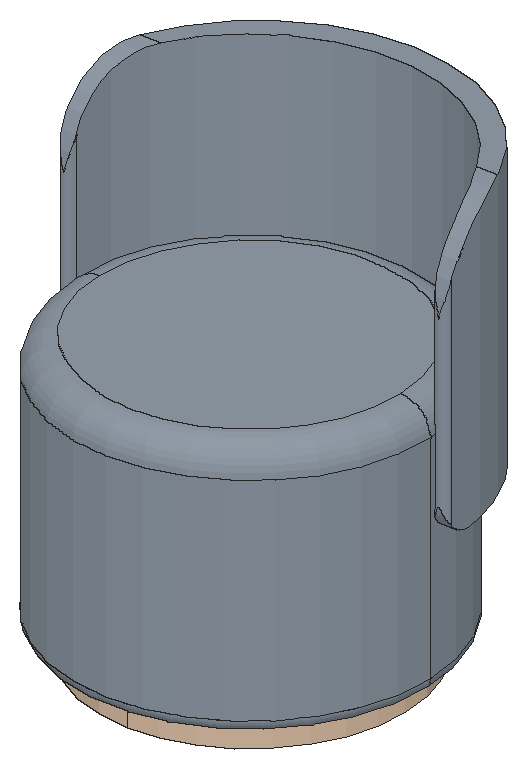
Revit family "FU_Chair_Sandler_Tablet 6-4", category Furniture, Revit 2020
Family settings
  OmniClass Number = 23.21.23.15.17
  Work Plane-Based = Yes
  Always vertical = No
  Cut with Voids When Loaded = No
  Shared = No
  Room Calculation Point = No
Parameters (values of type "TABLET 6.4")
  Youtube clip = ""
  Width = 640.000 mm
  Uniformat II Description = "Movable Furnishings"
  Uniformat II Code = ""
  Uniclass 2015 Name = ""
  Uniclass 2015 Code = ""
  Uniclass 2.0 Description = ""
  Uniclass 2.0 Code = ""
  Uniclass 1.4 Description = ""
  Uniclass 1.4 Code = ""
  UNSPSC Code = ""
  Technical description = ""
  Shell Material [instance] = Fabric - Gravity - Frozen CPC27
  Region South America = "All"
  Region Oceania = "All"
  Region North America = "All"
  Region Middle East = "All"
  Region Europe = "All"
  Region Asia = "All"
  Region Antarctica = "All"
  Region Africa = "All"
  QR code = "https://www.sandlerseating.com/product/tablet-6-3/"
  Product url = "https://www.sandlerseating.com/product/tablet-6-4/"
  Product name = "TABLET 6.3"
  Product group = "Chair"
  Product family = "Furniture"
  Product data url = "https://www.sandlerseating.com/product/tablet-6-4/"
  Product certification = ""
  Product SKU = "??"
  Product Guid = "??"
  OmniClass Description = ""
  OmniClass Code = "23-21 23 15 17"
  NBS Reference Description = ""
  NBS Reference Code = ""
  Model = "TABLET 6.4"
  Masterformat 2014 Description = "Chair Mats"
  Masterformat 2014 Code = "12 48 43.13"
  Manufacturer name = "Sandler"
  Manufacturer country = "USA"
  Manufacturer = "Sandler"
  Installation instructions = ""
  IFC Classification = "Furnishing Element"
  GTIN code = ""
  Frame [instance] = Wood - Beech - Timber
  Edition number = 1
  Design country = "Brasil"
  Description = "90° return swivel lounge chair with solid Beech wood plinth."
  Depth = 640.000 mm
  Default Elevation = 0.000 mm
  Date of publishing = ""
  COBIe Type Category = ""
  Brand url = "https://www.sandlerseating.com/"
  BIMobject main category code = "furniture"
  BIMobject main category = "Furniture"
  BIMobject category code = "furniture-chair"
  BIMobject category = "Chair"
Reference planes
  plane 1 "Center Front/Back": y = 0
  plane 2: z = 0
  plane 3 "Center Left/Right": x = 0
  plane 4: z = 480
  plane 5: z = 45
  plane 6: z = 765
  plane 7: x = -320
  plane 8: x = 320
  plane 9: y = -320
  plane 10: y = 320
  plane 11 "Seat Center": y = -15
Forms (mm)
  Extrusion 1, solid, material "Fabric - Gravity - Frozen CPC27" <- "Shell Material"
    sketch origin (0, -15, 800) x (-1, 0, 0) y (0, -1, 0)
      loop
        circle (0, 0) r 305
    from -755 to -320
  Extrusion 2, solid, material "Fabric - Gravity - Frozen CPC27" <- "Shell Material"
    sketch origin (0, -15, 800) x (-1, 0, 0) y (0, -1, 0)
      loop
        arc (330, -15) -> (317.914, -2.33) -> (304.687, -13.803) r 12.685
        arc (304.687, -13.803) -> (0, -305) -> (-304.687, -13.803) r 305
        arc (-304.687, -13.803) -> (-317.914, -2.33) -> (-330, -15) r 12.685
        arc (-330, -15) -> (0, -345) -> (330, -15) r 330
    from -518.696 to -35
  Sweep 3, void
    path in 3D
      loop
        arc (305, -15, 480) -> (0, -320, 480) -> (-305, -15, 480) r 305
        arc (-305, -15, 480) -> (0, 290, 480) -> (305, -15, 480) r 305
    profile origin (0, 290, 480) x (0, 1, 0) y (0, 0, 1)
      loop
        line (0, 0) -> (-50, 0)
        arc (-50, 0) -> (-14.645, -14.645) -> (0, -50) r 50
        line (0, -50) -> (0, 0)
      loop
        line (0, -435) -> (0, -415)
        arc (0, -415) -> (-5.858, -429.142) -> (-20, -435) r 20
        line (-20, -435) -> (0, -435)
  Extrusion 4, void
    sketch origin (0, -15, 0) x (0, -1, 0) y (0, 0, 1)
      loop
        arc (-145, 765) -> (-43.68, 718.514) -> (-2.31, 615) r 150.187
        line (-2.31, 615) -> (-2.31, 765) -> (-145, 765)
    from -335.045 to 337.659
  Extrusion 5, void
    sketch origin (0, -15, 0) x (0, -1, 0) y (0, 0, 1)
      loop
        line (-2.315, 281.304) -> (-2.315, 331.304)
        arc (-2.315, 331.304) -> (-16.96, 295.949) -> (-52.315, 281.304) r 50
        line (-52.315, 281.304) -> (-2.315, 281.304)
    from -345 to 342.572
  Extrusion 6, solid, material "Wood - Beech - Timber" <- "Frame"
    sketch origin (1.9, -15, 800) x (0, 1, 0) y (-1, 0, 0)
      loop
        circle (0, 0) r 262
    from -800 to -755
Cuts and joins
  Sweep 3 cuts Extrusion 1
  Sweep 3, Extrusion 4, Extrusion 5 cuts Extrusion 2
Lines and regions (mm)
  sketch lines
    curve 1: arc (-305, -15, 480) -> (0, 290, 480) -> (305, -15, 480) r 305
    curve 2: arc (305, -15, 480) -> (0, -320, 480) -> (-305, -15, 480) r 305
Dimensions and locks
  equal spacing: plane 7, plane 3 "Center Left/Right", plane 8
  "Width": plane 7 to plane 8
  equal spacing: plane 9, plane 1 "Center Front/Back", plane 10
  "Depth": plane 9 to plane 10
  aligned and locked: level to plane 2
Automatic sketch dimensions
  plane 1 "Center Front/Back" to Extrusion 1 sketch curve = 15.000 mm
  Extrusion 1 sketch curve to plane 3 "Center Left/Right" = 0.000 mm
  plane 1 "Center Front/Back" to Extrusion 2 sketch curve = 15.000 mm
  Extrusion 2 sketch curve to plane 3 "Center Left/Right" = 0.000 mm  (x2)
  Extrusion 2 sketch curve to plane 8 = 2.685 mm
  plane 7 to Extrusion 2 sketch curve = 2.685 mm
  Extrusion 2 sketch curve to plane 1 "Center Front/Back" = 0.000 mm
  Extrusion 2 sketch curve to Extrusion 2 sketch curve = 12.628 mm  (x2)
  plane 8 to Extrusion 2 sketch curve = 10.000 mm
  Extrusion 2 sketch curve to Extrusion 2 sketch curve = 0.000 mm
  Sweep 3 sketch curve to profile plane = 0.000 mm  (x3)
  profile plane to Sweep 3 sketch curve = 20.000 mm
  profile plane to Sweep 3 sketch curve = 50.000 mm
  Sweep 3 sketch curve to Sweep 3 sketch curve = 365.000 mm
  Extrusion 4 sketch curve to plane 6 = 0.000 mm
  Extrusion 4 sketch curve to plane 1 "Center Front/Back" = 137.497 mm
  Extrusion 4 sketch curve to plane 1 "Center Front/Back" = 130.000 mm
  plane 1 "Center Front/Back" to Extrusion 4 sketch curve = 12.690 mm
  Extrusion 5 sketch curve to plane 1 "Center Front/Back" = 37.315 mm
  plane 1 "Center Front/Back" to Extrusion 5 sketch curve = 12.685 mm
  Extrusion 5 sketch curve to plane 4 = 198.696 mm
  plane 3 "Center Left/Right" to Extrusion 6 sketch curve = 1.900 mm
  plane 1 "Center Front/Back" to Extrusion 6 sketch curve = 15.000 mm
  radius of Extrusion 1 sketch curve = 305.000 mm
  radius of Extrusion 6 sketch curve = 262.000 mm
